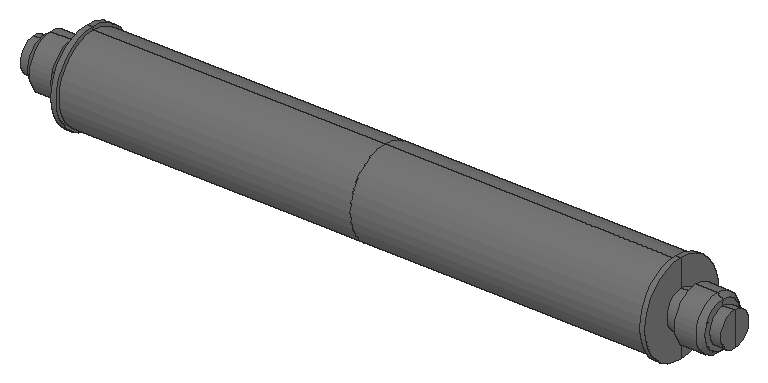
Revit family "WAGNER_Фильтр_специальный_Typ_SF_650", category Оборудование, Revit 2017
Family settings
  Размер круглого соединителя = Использовать диаметр
  Тип детали = Нормальный
  Номер OmniClass = 23.70.30.24.17
  Заголовок OmniClass = Dust Collectors
  На основе рабочей плоскости = Нет
  Всегда вертикально = Да
  При загрузке вырезать с полостями = Нет
  Общий = Да
  Точка расчета площади = Нет
Parameters (values of type "Typ SF-650")
  Описание = ADSK_Наименование  # "Фильтр специальный Typ SF-650"
  Изготовитель = [ADSK_Завод-изготовитель]  # "WAGNER"
  bimon.ru = "bimon.ru"
  WAGNER_Тип = "Typ SF-650"  # constant formula
  WAGNER_Температурный режим. = "от -20℃ до +60℃"  # constant formula
  WAGNER_Название = "Фильтр специальный Typ SF-650"  # constant formula
  WAGNER_Артикул = "AD-10-2000"  # constant formula
  WAGNER_Variation = 1
  Uniclass Title = "Air filters"  # constant formula
  Uniclass Code = "Pr_65_57_02"  # constant formula
  URL = "www.wagner-russia.com"
  UNSPSC Title = "Filters"  # constant formula
  UNSPSC Code = "401615"  # constant formula
  OmniClass Title = "Air Filters"  # constant formula
  OmniClass Code = "23-27 57 27"  # constant formula
  Masterformat Title = "HVAC Air-Distribution System Cleaning"  # constant formula
  Masterformat Code = "23 01 30.51"  # constant formula
  IFC Classification = ""
  COBie Category = "Air filters"  # constant formula
  ADSK_Размер_Ширина = 0 mm  # constant formula
  ADSK_Размер_Длина = 0 mm  # constant formula
  ADSK_Размер_Высота = 0 mm  # constant formula
  ADSK_Наименование краткое = "Фильтр специальный"  # constant formula
  ADSK_Наименование = "Фильтр специальный Typ SF-650"  # constant formula
  ADSK_Материал = WAGNER_Фильтр_специальный
  ADSK_Масса_Текст = ""
  ADSK_Марка = WAGNER_Тип  # "Typ SF-650"
  ADSK_Код изделия = "-"  # constant formula
  ADSK_Завод-изготовитель = "WAGNER"  # constant formula
  ADSK_Единица измерения = "шт."  # constant formula
  ADSK_Дата изменения = "18.07.20"  # constant formula
  ADSK_Версия семейства = "Версия 1"  # constant formula
  ADSK_Версия Revit = "Revit 2017"  # constant formula
  ADSK_URL страницы изделия = "https://ru.wagnergroup.com/systeme/brandfrueherkennung-mit-titanusr-ansaugrauchmeldern.html"
  ADSK_URL документации изделия = "https://ru.wagnergroup.com/ru/centr-zagruzki/katalog.html"
Reference planes
  plane 1 "По центру (Вперед/Назад)": y = -115
  plane 2: z = 0
  plane 3 "По центру (Влево/Вправо)": x = -926.064
Forms (mm)
  Revolve 1, solid, material "WAGNER_Фильтр_специальный" <- "ADSK_Материал"
    sketch origin (0, -115, 0) x (0, 0, -1) y (1, 0, 0)
      loop
        line (0, -1254.064) -> (0, -598.064) -> (-16, -598.064) -> (-16, -609.064) -> (-21, -609.064) -> (-25, -614.064) -> (-25, -634.064) -> (-17.5, -634.064) -> (-17.5, -648.064) -> (-42.5, -648.064) -> (-42.5, -653.064) -> (-40, -653.064) -> (-40, -926.064) -> (-40, -1199.064) -> (-42.5, -1199.064) -> (-42.5, -1204.064) -> (-17.5, -1204.064) -> (-17.5, -1218.064) -> (-25, -1218.064) -> (-25, -1238.064) -> (-21, -1243.064) -> (-16, -1243.064) -> (-16, -1254.064) -> (0, -1254.064)
      axis (0, -1254.064) -> (0, -598.064)
    angle from 0 to 360
Dimensions and locks
  Revolve 1 sketch curve to Revolve 1 sketch curve = 656 mm
  equal spacing: Revolve 1 sketch curve, plane 3 "По центру (Влево/Вправо)", Revolve 1 sketch curve
  aligned and locked: level to plane 2
Connectors
  piping at (-1254.064, -115, 0), diameter 25
    settings: on Revolve 1, index 1, connector inside diameter 609.6 mm, connector length 0 mm, flow factor 0, pipe flow 0.0 m³/h, pressure drop 0.0 Pa, fitting loss kfactor 0, connector angle 0.00°, fixture units 0, engagement length 0 mm, angle of deflection 0.00°, flow configuration 0, flow direction 0, fitting loss method 0, system type 28, joint type 0, gender type 0, connector reference index -1, connector utility 0, adjustable connector no, is connector primary yes, connector description ""
  piping at (-589.564, -115, 0), diameter 25
    settings: on Revolve 1, index 2, connector inside diameter 609.6 mm, connector length 0 mm, flow factor 0, pipe flow 0.0 m³/h, pressure drop 0.0 Pa, fitting loss kfactor 0, connector angle 0.00°, fixture units 0, engagement length 0 mm, angle of deflection 0.00°, flow configuration 0, flow direction 0, fitting loss method 0, system type 28, joint type 0, gender type 0, connector reference index -1, connector utility 0, adjustable connector no, is connector primary no, connector description ""
